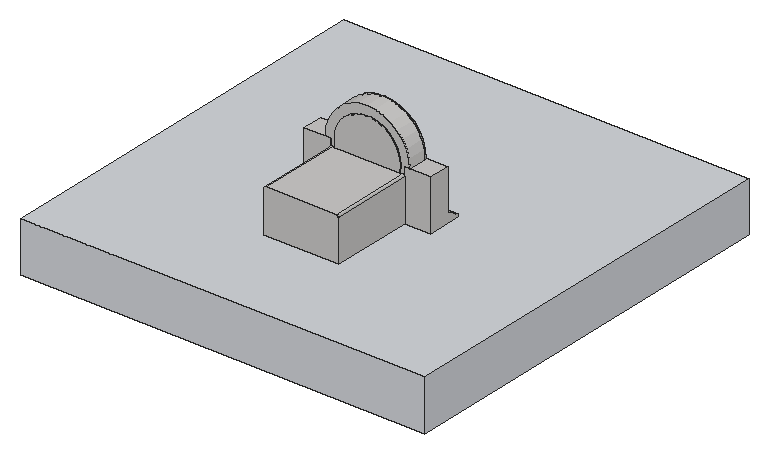
Revit family
Parameters (values of type "3771-1-H-ECL5-ECR5")
  Waste Connection = yes
  WFU = 0
  Voltage = 0
  Vent Connection = no
  VP - Vinylclad Enclosure (Gray (Std.), Black, White) = no
  URL = "http://www.acornengineering.com"
  Type Comments = ""
  Tempered Water Connection = yes
  ST - Single Temperature Valve = no
  SPX - 16 Gage Stainless Steel Enclosure = no
  SO-BAT- Sensor Operation (Battery) = no
  SO - Sensor Operation = no
  SES - Scalloped Enclosure Style = no
  Revised Date = "07/13/11"
  RSS - Right Side Splash (Only Available with -ECR) = no
  RSA - Right Side Apron (Only Available with -ECR) = no
  RLD - Molded-in "D" Shape Corterra Basin = no
  Phone# = "626-336-4561"
  PDM - Metering Liquid Soap Dispenser = no
  PBE - Pushbutton Electronic Metering = no
  OCC - Optional Corterra Color = no
  Model = "3771-1-H-ECL5-ECR5"
  Material = Default
  Manufacturer = "Acorn Engineering"
  LSS - Left Side Splash (Only Available with -ECL) = no
  LSA - Left Side Apron (Only Available with -ECL) = no
  JH - 30" Junior Rim Height = no
  HWFU = 0
  HW Connection = yes
  H38 - Three Holes 8" Centerset = no
  H34 - Three Holes 4" Centerset = no
  H24 - Two Holes 4" Centerset = no
  H1 - Single Hole Centered = no
  H - Hand Operation = yes
  ECR - Extended Countertop - Right Hand, Specify ____ (120" maximum overall width) = yes
  ECL - Extended Countertop - Left Hand, Specify ____ (120" maximum overall width) = yes
  Designed By = "ATS BIM Team"
  Description = "Meridian Corterra Curved Front Uni-Basin - ADA Compliant"
  Default Elevation = 34"
  CWFU = 0
  CW Connection = yes
  CSG - 4" Centerset Faucet with Gooseneck Spout and Wristblade Handles (Includes -RLD Basin & -H34) = no
  CS- Compact Sprayhead- 9" Diameter x 4" High ( Not available with -DP or -DV) = no
  Assembly Code = ""
  Amperage = 0
  9 - Less Sprayhead and Valves (Only Available with - RLD Basin) = no
  2 - On-Floor, Wall Outlet = no
  1 - Off-Floor, Wall Outlet = yes
Reference planes (in)
  plane 1 "Center (Front/Back)": y = 0
  plane 2: z = 0
  plane 3 "Center (Left/Right)": x = 0
  plane 4: x = 8.95178
  plane 5: x = -8.92322
  plane 6: z = 9.875
  plane 7: y = -34
  plane 8: y = 0.51182
  plane 9: y = -4.375
  plane 10: y = -14
  plane 11: x = -6
  plane 12: x = 6
  plane 13: y = -22
  plane 14: x = 2.5
  plane 15: x = -2.5
  plane 16: x = -15
  plane 17: x = 15.01428
  plane 18: y = -24.63682
Forms (in)
  Extrusion 1, solid
    sketch origin (0, 0, 0) x (1, 0, 0) y (0, 1, 0)
      loop
        line (-48, 48) -> (-48, -48) -> (48, -48) -> (48, 48) -> (-48, 48)
    from 0 to -12
  Sweep 2, solid, material "Stainless Steel"
    path origin (0, 0, 0) x (1, 0, 0) y (0, 0, 1)
      loop
        circle (0, 12) r 10
    profile origin (0, 0, 22) x (0, 0, 1) y (0, -1, 0)
      loop
        line (0, 0.38846) -> (0, 5) -> (-5.30437, 5)
        arc (-5.30437, 5) -> (-2.98716, 2.96262) -> (-2.125, 0) r 5.52128
        line (-2.125, 0) -> (-0.38846, 0)
        arc (-0.38846, 0) -> (-0.11378, 0.11378) -> (0, 0.38846) r 0.38846
  Extrusion 3, solid, material "Stainless Steel"
    sketch origin (0, 0, 0) x (1, 0, 0) y (0, 0, 1)
      loop
        line (-8.79822, 0) -> (8.82678, 0) -> (8.82678, 9.875)
        arc (8.82678, 9.875) -> (8.68034, 10.22855) -> (8.32678, 10.375) r 0.5
        line (8.32678, 10.375) -> (-8.29822, 10.375)
        arc (-8.29822, 10.375) -> (-8.65177, 10.22855) -> (-8.79822, 9.875) r 0.5
        line (-8.79822, 9.875) -> (-8.79822, 0)
    from 0 to 24.63682
  Extrusion 4, void
    sketch origin (0, 0, 0) x (1, 0, 0) y (0, 0, 1)
      loop
        circle (0, 12) r 8.352
    from 0 to 5
  Extrusion 5, solid, material "Stainless Steel"
    sketch origin (0, 0, 0) x (-1, 0, 0) y (0, 0, 1)
      loop
        circle (0, 12) r 7.85156
    from -5.01182 to -4.88682
  Extrusion 6, solid, material "Stainless Steel"
    sketch origin (0, 0, 0) x (0, 1, 0) y (0, 0, 1)
      loop
        line (3, 0.75) -> (0.125, 2.40833)
        arc (0.125, 2.40833) -> (0.03349, 2.49984) -> (0, 2.62484) r 0.25
        line (0, 2.62484) -> (0, 0) -> (3, 0) -> (3, 0.75)
    from -15 to 15.01428
  Extrusion 7, solid, material "Stainless Steel"
    sketch origin (1.82693, 0, 0) x (0, 1, 0) y (0, 0, 1)
      loop
        line (5.69982, 8.82876) -> (5.69982, 9.72328)
        arc (5.69982, 9.72328) -> (5.58999, 9.98844) -> (5.32482, 10.09828) r 0.375
        line (5.32482, 10.09828) -> (2.94982, 10.09828)
        arc (2.94982, 10.09828) -> (2.68466, 9.98844) -> (2.57482, 9.72328) r 0.375
        line (2.57482, 9.72328) -> (2.57482, 8.82835)
        arc (2.57482, 8.82835) -> (2.55652, 8.26024) -> (2.50168, 7.69448) r 8.82513
        arc (2.50168, 7.69448) -> (2.36672, 6.92315) -> (2.16392, 6.16681) r 8.82513
        arc (2.16392, 6.16681) -> (1.6039, 5.00902) -> (0.69276, 4.10131) r 3.83718
        arc (0.69276, 4.10131) -> (0.35791, 3.96862) -> (0, 3.92825) r 1.36332
        line (0, 3.92825) -> (0, 2.62484)
        arc (0, 2.62484) -> (0.03335, 2.50009) -> (0.12449, 2.40863) r 0.25
        line (0.12449, 2.40863) -> (3.00548, 0.7363)
        arc (3.00548, 0.7363) -> (5.00854, 4.56416) -> (5.69982, 8.82876) r 13.5
    from -4.54393 to 0.88689
  Extrusion 8, void
    sketch origin (0, 0, 0) x (1, 0, 0) y (0, 0, 1)
      loop
        line (2.71382, 0.75) -> (2.71382, 10.09828) -> (-2.71699, 10.09828) -> (-2.71699, 0.75) -> (-2.41588, 0.75) -> (-1.74865, 8.37657)
        arc (-1.74865, 8.37657) -> (-0.06095, 9.78481) -> (1.73922, 8.52352) r 1.80825
        line (1.73922, 8.52352) -> (2.4364, 0.75) -> (2.71382, 0.75)
    from -8.42418 to 0.33519
  Extrusion 9, solid
    sketch origin (0, 0, 0) x (1, 0, 0) y (0, 1, 0)
      loop
        circle (-2.5, -22) r 0.25
      loop
        circle (2.5, -22) r 0.25
      loop
        circle (3.5, -14) r 0.75
    from 0 to 0.0625
  Extrusion 10, solid, material "Stainless Steel"
    sketch origin (0, 0, 0) x (-1, 0, 0) y (0, 0, 1)
      loop
        line (-8.82678, 12) -> (-15.01428, 12) -> (-15.01428, 0) -> (-8.82678, 0) -> (-8.82678, 12)
      loop
        line (8.79822, 12) -> (8.79822, 0) -> (15, 0) -> (15, 12) -> (8.79822, 12)
    from 0 to -5.01182
Cuts and joins
  Extrusion 4 cuts Extrusion 3
  Extrusion 8 cuts Extrusion 5
  joined: Sweep 2, Extrusion 3, Extrusion 5, Extrusion 6, Extrusion 10
  Extrusion 8 cuts Extrusion 7
Dimensions and locks (in)
  plane 7 to plane 1 "Center (Front/Back)" = 34"
  plane 18 to cut or joined group of Sweep 2, Extrusion 3, Extrusion 4, Extrusion 5, Extrusion 6, Extrusion 8, Extrusion 10 = 19 5/8"
  Sweep 2 sketch curve to cut or joined group of Sweep 2, Extrusion 3, Extrusion 4, Extrusion 5, Extrusion 6, Extrusion 8, Extrusion 10 = 7 7/8"
  plane 10 to plane 7 = 20"
  plane 13 to plane 7 = 12"
  aligned and locked: plane 2 to Extrusion 1
  aligned and locked: level to Extrusion 1
  aligned and locked: Extrusion 3 to plane 18
  aligned and locked: Extrusion 10 to Extrusion 3  (x2)
Connectors (in)
  piping at (-2.5, -22, 0)
    settings: on Extrusion 9, index 2
  piping at (2.5, -22, 0)
    settings: on Extrusion 9, index 3
  piping at (3.5, -14, 0)
    settings: on Extrusion 9, index 5
